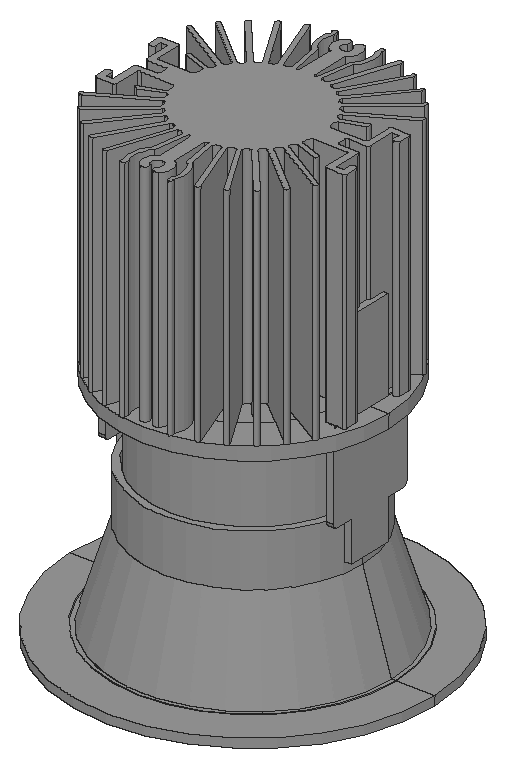
Revit family "Artemide_Everything_80", category Lighting Fixtures, Revit 2018 (continued)
Types (216, lengths in mm): name | V_TrimlessSquare | V_TrimlessRound | V_TrimSquare | V_TrimRound | V_Square | V_Round | Radius_RoundVoidReal | Photometric Web File | M_Trim | M_Louvre | M_HousingLed | built-in parameter 1150105 | Lumens | built-in parameter 1150107 | built-in parameter 1150106 | URL to O&M Manual | Trim Material | Trim Finish | Trim Colour  | Product Model Number | Product Literature | Overall Width | Overall Length | Output Lumens Direct light | Input Lumens Direct light | Initial Lumens | IES Files  | Housing Colour  | Face Shape | Efficiency | built-in parameter 1150104 | Distance_SquareVoidReal | Colour Temperature | Angle_LightReal | Angle_LightRange | Angle_Light | Adjustable
  Everything_80_Round_Trim_46°_2700K_Black/PolishedMetal_M331310 | no | no | no | yes | no | yes | 31.6 | "M331310.IES" | Artemide_Aluminum_Black | Artemide_Aluminum_PolishedMetal | Artemide_Aluminum_PolishedMetal | 67.946 (stored number, unit not read) | 853.84 lm | 2700 (stored number, unit not read) | 0.67946 (stored number, unit not read) | "https://www.artemide.com/contents/documenti/prodotto/everything_80_trim_instructions4367641.pdf" | "Aluminium" | "Painted" | "Polished Metal" | "M331310" | "https://www.artemide.com/it/subfamily/2380637/everything-80-trim" | 0 | 80 | 854 | 1330 | 854 | "https://www.artemide.com/product/downloadFile/4366123/ieseu/4916922" | "Black" | "Round" | 64 | 6.1019 (stored number, unit not read) | 0.8 | 2700 | 90.00° | 60.00° | 60.00° | no
  Everything_80_Round_Trim_46°_2700K_White/PolishedMetal_M331320 | no | no | no | yes | no | yes | 31.6 | "M331320.IES" | Artemide_Aluminum_White | Artemide_Aluminum_PolishedMetal | Artemide_Aluminum_PolishedMetal | 67.946 (stored number, unit not read) | 853.84 lm | 2700 (stored number, unit not read) | 0.67946 (stored number, unit not read) | "https://www.artemide.com/contents/documenti/prodotto/everything_80_trim_instructions4367641.pdf" | "Aluminium" | "Painted" | "Polished Metal" | "M331320" | "https://www.artemide.com/it/subfamily/2380637/everything-80-trim" | 0 | 80 | 854 | 1330 | 854 | "https://www.artemide.com/product/downloadFile/4366362/ieseu/4916537" | "White" | "Round" | 64 | 6.1019 (stored number, unit not read) | 0.8 | 2700 | 90.00° | 60.00° | 60.00° | no
  Everything_80_Round_Trim_46°_2700K_White/Black_M326220 | no | no | no | yes | no | yes | 31.6 | "M326220.IES" | Artemide_Aluminum_White | Artemide_Aluminum_Black | Artemide_Aluminum_Black | 50.163 (stored number, unit not read) | 630.37 lm | 2700 (stored number, unit not read) | 0.50163 (stored number, unit not read) | "https://www.artemide.com/contents/documenti/prodotto/everything_80_trim_instructions4367641.pdf" | "Aluminium" | "Painted" | "Black" | "M326220" | "https://www.artemide.com/it/subfamily/2380637/everything-80-trim" | 0 | 80 | 630 | 1330 | 630 | "https://www.artemide.com/product/downloadFile/4366601/ieseu/4916789" | "White" | "Round" | 47 | 4.5049 (stored number, unit not read) | 0.8 | 2700 | 90.00° | 60.00° | 60.00° | no
  Everything_80_Round_Trim_46°_2700K_Black/Black_M326210 | no | no | no | yes | no | yes | 31.6 | "M326210.IES" | Artemide_Aluminum_Black | Artemide_Aluminum_Black | Artemide_Aluminum_Black | 50.163 (stored number, unit not read) | 630.37 lm | 2700 (stored number, unit not read) | 0.50163 (stored number, unit not read) | "https://www.artemide.com/contents/documenti/prodotto/everything_80_trim_instructions4367641.pdf" | "Aluminium" | "Painted" | "Black" | "M326210" | "https://www.artemide.com/it/subfamily/2380637/everything-80-trim" | 0 | 80 | 630 | 1330 | 630 | "https://www.artemide.com/product/downloadFile/4366840/ieseu/4917073" | "Black" | "Round" | 47 | 4.5049 (stored number, unit not read) | 0.8 | 2700 | 90.00° | 60.00° | 60.00° | no
  Everything_80_Round_Trim_46°_2700K_Silver/Black_M326260 | no | no | no | yes | no | yes | 31.6 | "M326260.IES" | Artemide_Aluminum_BrushedSilver | Artemide_Aluminum_Black | Artemide_Aluminum_Black | 50.163 (stored number, unit not read) | 630.37 lm | 2700 (stored number, unit not read) | 0.50163 (stored number, unit not read) | "https://www.artemide.com/contents/documenti/prodotto/everything_80_trim_instructions4367641.pdf" | "Aluminium" | "Painted" | "Black" | "M326260" | "https://www.artemide.com/it/subfamily/2380637/everything-80-trim" | 0 | 80 | 630 | 1330 | 630 | "https://www.artemide.com/product/downloadFile/4367119/ieseu/4916514" | "Silver" | "Round" | 47 | 4.5049 (stored number, unit not read) | 0.8 | 2700 | 90.00° | 60.00° | 60.00° | no
  Everything_80_Round_Trim_Adj_23°_2700K_White/White_M325725 | no | no | no | yes | no | yes | 31.6 | "M325725.IES" | Artemide_Aluminum_White | Artemide_Aluminum_White | Artemide_Aluminum_White | 79.057 (stored number, unit not read) | 993.46 lm | 2700 (stored number, unit not read) | 0.79057 (stored number, unit not read) | "https://www.artemide.com/contents/documenti/prodotto/everything_80_trim_instructions4367641.pdf" | "Aluminium" | "Painted" | "White" | "M325725" | "https://www.artemide.com/it/subfamily/2380637/everything-80-trim" | 0 | 80 | 994 | 1330 | 994 | "https://www.artemide.com/product/downloadFile/4367464/ieseu/4916497" | "White" | "Round" | 75 | 7.0997 (stored number, unit not read) | 0.8 | 2700 | 60.00° | 60.00° | 60.00° | yes
  Everything_80_Round_Trim_Adj_23°_2700K_Black/PolishedMetal_M331115 | no | no | no | yes | no | yes | 31.6 | "M331115.IES" | Artemide_Aluminum_Black | Artemide_Aluminum_PolishedMetal | Artemide_Aluminum_PolishedMetal | 80.857 (stored number, unit not read) | 1016.08 lm | 2700 (stored number, unit not read) | 0.80857 (stored number, unit not read) | "https://www.artemide.com/contents/documenti/prodotto/everything_80_trim_instructions4367641.pdf" | "Aluminium" | "Painted" | "Polished Metal" | "M331115" | "https://www.artemide.com/it/subfamily/2380637/everything-80-trim" | 0 | 80 | 1016 | 1330 | 1016 | "https://www.artemide.com/product/downloadFile/4367715/ieseu/4916825" | "Black" | "Round" | 76 | 7.2613 (stored number, unit not read) | 0.8 | 2700 | 60.00° | 60.00° | 60.00° | yes
  Everything_80_Round_Trim_Adj_23°_2700K_White/PolishedMetal_M331125 | no | no | no | yes | no | yes | 31.6 | "M331125.IES" | Artemide_Aluminum_White | Artemide_Aluminum_PolishedMetal | Artemide_Aluminum_PolishedMetal | 80.857 (stored number, unit not read) | 1016.08 lm | 2700 (stored number, unit not read) | 0.80857 (stored number, unit not read) | "https://www.artemide.com/contents/documenti/prodotto/everything_80_trim_instructions4367641.pdf" | "Aluminium" | "Painted" | "Polished Metal" | "M331125" | "https://www.artemide.com/it/subfamily/2380637/everything-80-trim" | 0 | 80 | 1016 | 1330 | 1016 | "https://www.artemide.com/product/downloadFile/4367956/ieseu/4917033" | "White" | "Round" | 76 | 7.2613 (stored number, unit not read) | 0.8 | 2700 | 60.00° | 60.00° | 60.00° | yes
  Everything_80_Round_Trim_Adj_23°_2700K_White/Black_M326025 | no | no | no | yes | no | yes | 31.6 | "M326025.IES" | Artemide_Aluminum_White | Artemide_Aluminum_Black | Artemide_Aluminum_Black | 66.364 (stored number, unit not read) | 833.95 lm | 2700 (stored number, unit not read) | 0.66364 (stored number, unit not read) | "https://www.artemide.com/contents/documenti/prodotto/everything_80_trim_instructions4367641.pdf" | "Aluminium" | "Painted" | "Black" | "M326025" | "https://www.artemide.com/it/subfamily/2380637/everything-80-trim" | 0 | 80 | 834 | 1330 | 834 | "https://www.artemide.com/product/downloadFile/4368311/ieseu/4917030" | "White" | "Round" | 63 | 5.9597 (stored number, unit not read) | 0.8 | 2700 | 60.00° | 60.00° | 60.00° | yes
  Everything_80_Round_Trim_Adj_23°_2700K_Black/Black_M326015 | no | no | no | yes | no | yes | 31.6 | "M326015.IES" | Artemide_Aluminum_Black | Artemide_Aluminum_Black | Artemide_Aluminum_Black | 66.364 (stored number, unit not read) | 833.95 lm | 2700 (stored number, unit not read) | 0.66364 (stored number, unit not read) | "https://www.artemide.com/contents/documenti/prodotto/everything_80_trim_instructions4367641.pdf" | "Aluminium" | "Painted" | "Black" | "M326015" | "https://www.artemide.com/it/subfamily/2380637/everything-80-trim" | 0 | 80 | 834 | 1330 | 834 | "https://www.artemide.com/product/downloadFile/4368579/ieseu/4916652" | "Black" | "Round" | 63 | 5.9597 (stored number, unit not read) | 0.8 | 2700 | 60.00° | 60.00° | 60.00° | yes
  Everything_80_Round_Trim_Adj_23°_2700K_Silver/White_M326065 | no | no | no | yes | no | yes | 31.6 | "M326065.IES" | Artemide_Aluminum_BrushedSilver | Artemide_Aluminum_White | Artemide_Aluminum_White | 66.364 (stored number, unit not read) | 833.95 lm | 2700 (stored number, unit not read) | 0.66364 (stored number, unit not read) | "https://www.artemide.com/contents/documenti/prodotto/everything_80_trim_instructions4367641.pdf" | "Aluminium" | "Painted" | "Black" | "M326065" | "https://www.artemide.com/it/subfamily/2380637/everything-80-trim" | 0 | 80 | 834 | 1330 | 834 | "https://www.artemide.com/product/downloadFile/4368828/ieseu/4916722" | "Silver" | "Round" | 63 | 5.9597 (stored number, unit not read) | 0.8 | 2700 | 60.00° | 60.00° | 60.00° | yes
  Everything_80_Round_Trim_Adj_28°_2700K_White/White_M325825 | no | no | no | yes | no | yes | 31.6 | "M325825.IES" | Artemide_Aluminum_White | Artemide_Aluminum_White | Artemide_Aluminum_White | 80.123 (stored number, unit not read) | 1006.85 lm | 2700 (stored number, unit not read) | 0.80123 (stored number, unit not read) | "https://www.artemide.com/contents/documenti/prodotto/everything_80_trim_instructions4367641.pdf" | "Aluminium" | "Painted" | "White" | "M325825" | "https://www.artemide.com/it/subfamily/2380637/everything-80-trim" | 0 | 80 | 1007 | 1330 | 1007 | "https://www.artemide.com/product/downloadFile/4369077/ieseu/4916424" | "White" | "Round" | 76 | 7.1953 (stored number, unit not read) | 0.8 | 2700 | 60.00° | 60.00° | 60.00° | yes
  Everything_80_Round_Trim_Adj_28°_2700K_Black/PolishedMetal_M331215 | no | no | no | yes | no | yes | 31.6 | "M331215.IES" | Artemide_Aluminum_Black | Artemide_Aluminum_PolishedMetal | Artemide_Aluminum_PolishedMetal | 74.826 (stored number, unit not read) | 940.29 lm | 2700 (stored number, unit not read) | 0.74826 (stored number, unit not read) | "https://www.artemide.com/contents/documenti/prodotto/everything_80_trim_instructions4367641.pdf" | "Aluminium" | "Painted" | "Polished Metal" | "M331215" | "https://www.artemide.com/it/subfamily/2380637/everything-80-trim" | 0 | 80 | 940 | 1330 | 940 | "https://www.artemide.com/product/downloadFile/4369710/ieseu/4916893" | "Black" | "Round" | 71 | 6.7197 (stored number, unit not read) | 0.8 | 2700 | 60.00° | 60.00° | 60.00° | yes
  Everything_80_Round_Trim_Adj_28°_2700K_White/PolishedMetal_M331225 | no | no | no | yes | no | yes | 31.6 | "M331225.IES" | Artemide_Aluminum_White | Artemide_Aluminum_PolishedMetal | Artemide_Aluminum_PolishedMetal | 74.826 (stored number, unit not read) | 940.29 lm | 2700 (stored number, unit not read) | 0.74826 (stored number, unit not read) | "https://www.artemide.com/contents/documenti/prodotto/everything_80_trim_instructions4367641.pdf" | "Aluminium" | "Painted" | "Polished Metal" | "M331225" | "https://www.artemide.com/it/subfamily/2380637/everything-80-trim" | 0 | 80 | 940 | 1330 | 940 | "https://www.artemide.com/product/downloadFile/4369949/ieseu/4916826" | "White" | "Round" | 71 | 6.7197 (stored number, unit not read) | 0.8 | 2700 | 60.00° | 60.00° | 60.00° | yes
  Everything_80_Round_Trim_Adj_28°_2700K_White/Black_M326125 | no | no | no | yes | no | yes | 31.6 | "M326125.IES" | Artemide_Aluminum_White | Artemide_Aluminum_Black | Artemide_Aluminum_Black | 67.74 (stored number, unit not read) | 851.24 lm | 2700 (stored number, unit not read) | 0.6774 (stored number, unit not read) | "https://www.artemide.com/contents/documenti/prodotto/everything_80_trim_instructions4367641.pdf" | "Aluminium" | "Painted" | "Black" | "M326125" | "https://www.artemide.com/it/subfamily/2380637/everything-80-trim" | 0 | 80 | 851 | 1330 | 851 | "https://www.artemide.com/product/downloadFile/4370188/ieseu/4916735" | "White" | "Round" | 64 | 6.0833 (stored number, unit not read) | 0.8 | 2700 | 60.00° | 60.00° | 60.00° | yes
  Everything_80_Round_Trim_Adj_28°_2700K_Black/Black_M326115 | no | no | no | yes | no | yes | 31.6 | "M326115.IES" | Artemide_Aluminum_Black | Artemide_Aluminum_Black | Artemide_Aluminum_Black | 67.74 (stored number, unit not read) | 851.24 lm | 2700 (stored number, unit not read) | 0.6774 (stored number, unit not read) | "https://www.artemide.com/contents/documenti/prodotto/everything_80_trim_instructions4367641.pdf" | "Aluminium" | "Painted" | "Black" | "M326115" | "https://www.artemide.com/it/subfamily/2380637/everything-80-trim" | 0 | 80 | 851 | 1330 | 851 | "https://www.artemide.com/product/downloadFile/4370427/ieseu/4917078" | "Black" | "Round" | 64 | 6.0833 (stored number, unit not read) | 0.8 | 2700 | 60.00° | 60.00° | 60.00° | yes
  Everything_80_Round_Trim_Adj_28°_2700K_Silver/Black_M326165 | no | no | no | yes | no | yes | 31.6 | "M326165.IES" | Artemide_Aluminum_BrushedSilver | Artemide_Aluminum_Black | Artemide_Aluminum_Black | 67.74 (stored number, unit not read) | 851.24 lm | 2700 (stored number, unit not read) | 0.6774 (stored number, unit not read) | "https://www.artemide.com/contents/documenti/prodotto/everything_80_trim_instructions4367641.pdf" | "Aluminium" | "Painted" | "Black" | "M326165" | "https://www.artemide.com/it/subfamily/2380637/everything-80-trim" | 0 | 80 | 851 | 1330 | 851 | "https://www.artemide.com/product/downloadFile/4370666/ieseu/4917008" | "Silver" | "Round" | 64 | 6.0833 (stored number, unit not read) | 0.8 | 2700 | 60.00° | 60.00° | 60.00° | yes
  Everything_80_Round_Trim_Adj_46°_2700K_White/White_M325925 | no | no | no | yes | no | yes | 31.6 | "M325925.IES" | Artemide_Aluminum_White | Artemide_Aluminum_White | Artemide_Aluminum_White | 78.426 (stored number, unit not read) | 985.53 lm | 2700 (stored number, unit not read) | 0.78426 (stored number, unit not read) | "https://www.artemide.com/contents/documenti/prodotto/everything_80_trim_instructions4367641.pdf" | "Aluminium" | "Painted" | "White" | "M325925" | "https://www.artemide.com/it/subfamily/2380637/everything-80-trim" | 0 | 80 | 986 | 1330 | 986 | "https://www.artemide.com/product/downloadFile/4370905/ieseu/4916508" | "White" | "Round" | 74 | 7.043 (stored number, unit not read) | 0.8 | 2700 | 60.00° | 60.00° | 60.00° | yes
  Everything_80_Round_Trim_Adj_46°_2700K_Black/PolishedMetal_M331315 | no | no | no | yes | no | yes | 31.6 | "M331315.IES" | Artemide_Aluminum_Black | Artemide_Aluminum_PolishedMetal | Artemide_Aluminum_PolishedMetal | 67.946 (stored number, unit not read) | 853.84 lm | 2700 (stored number, unit not read) | 0.67946 (stored number, unit not read) | "https://www.artemide.com/contents/documenti/prodotto/everything_80_trim_instructions4367641.pdf" | "Aluminium" | "Painted" | "Polished Metal" | "M331315" | "https://www.artemide.com/it/subfamily/2380637/everything-80-trim" | 0 | 80 | 854 | 1330 | 854 | "https://www.artemide.com/product/downloadFile/4371136/ieseu/4916433" | "Black" | "Round" | 64 | 6.1019 (stored number, unit not read) | 0.8 | 2700 | 60.00° | 60.00° | 60.00° | yes
  Everything_80_Round_Trim_Adj_46°_2700K_White/PolishedMetal_M331325 | no | no | no | yes | no | yes | 31.6 | "M331325.IES" | Artemide_Aluminum_White | Artemide_Aluminum_PolishedMetal | Artemide_Aluminum_PolishedMetal | 67.946 (stored number, unit not read) | 853.84 lm | 2700 (stored number, unit not read) | 0.67946 (stored number, unit not read) | "https://www.artemide.com/contents/documenti/prodotto/everything_80_trim_instructions4367641.pdf" | "Aluminium" | "Painted" | "Polished Metal" | "M331325" | "https://www.artemide.com/it/subfamily/2380637/everything-80-trim" | 0 | 80 | 854 | 1330 | 854 | "https://www.artemide.com/product/downloadFile/4371375/ieseu/4916797" | "White" | "Round" | 64 | 6.1019 (stored number, unit not read) | 0.8 | 2700 | 60.00° | 60.00° | 60.00° | yes
  Everything_80_Round_Trim_Adj_46°_2700K_White/Black_M326225 | no | no | no | yes | no | yes | 31.6 | "M326225.IES" | Artemide_Aluminum_White | Artemide_Aluminum_Black | Artemide_Aluminum_Black | 50.163 (stored number, unit not read) | 630.37 lm | 2700 (stored number, unit not read) | 0.50163 (stored number, unit not read) | "https://www.artemide.com/contents/documenti/prodotto/everything_80_trim_instructions4367641.pdf" | "Aluminium" | "Painted" | "Black" | "M326225" | "https://www.artemide.com/it/subfamily/2380637/everything-80-trim" | 0 | 80 | 630 | 1330 | 630 | "https://www.artemide.com/product/downloadFile/4371614/ieseu/4916725" | "White" | "Round" | 47 | 4.5049 (stored number, unit not read) | 0.8 | 2700 | 60.00° | 60.00° | 60.00° | yes
  Everything_80_Round_Trim_Adj_46°_2700K_Black/Black_M326215 | no | no | no | yes | no | yes | 31.6 | "M326215.IES" | Artemide_Aluminum_Black | Artemide_Aluminum_Black | Artemide_Aluminum_Black | 50.163 (stored number, unit not read) | 630.37 lm | 2700 (stored number, unit not read) | 0.50163 (stored number, unit not read) | "https://www.artemide.com/contents/documenti/prodotto/everything_80_trim_instructions4367641.pdf" | "Aluminium" | "Painted" | "Black" | "M326215" | "https://www.artemide.com/it/subfamily/2380637/everything-80-trim" | 0 | 80 | 630 | 1330 | 630 | "https://www.artemide.com/product/downloadFile/4371853/ieseu/4916748" | "Black" | "Round" | 47 | 4.5049 (stored number, unit not read) | 0.8 | 2700 | 60.00° | 60.00° | 60.00° | yes
  Everything_80_Round_Trim_Adj_46°_2700K_Silver/Black_M326265 | no | no | no | yes | no | yes | 31.6 | "M326265.IES" | Artemide_Aluminum_BrushedSilver | Artemide_Aluminum_Black | Artemide_Aluminum_Black | 50.163 (stored number, unit not read) | 630.37 lm | 2700 (stored number, unit not read) | 0.50163 (stored number, unit not read) | "https://www.artemide.com/contents/documenti/prodotto/everything_80_trim_instructions4367641.pdf" | "Aluminium" | "Painted" | "Black" | "M326265" | "https://www.artemide.com/it/subfamily/2380637/everything-80-trim" | 0 | 80 | 630 | 1330 | 630 | "https://www.artemide.com/product/downloadFile/4372092/ieseu/4916744https://www.artemide.com/product/downloadFile/4372092/ieseu/4916744" | "Silver" | "Round" | 47 | 4.5049 (stored number, unit not read) | 0.8 | 2700 | 60.00° | 60.00° | 60.00° | yes
  Everything_80_Square_Trim_23°_2700K_White/White_M326920 | no | no | yes | no | yes | no | 0.3 | "M326920.IES" | Artemide_Aluminum_White | Artemide_Aluminum_White | Artemide_Aluminum_White | 78.954 (stored number, unit not read) | 992.16 lm | 2700 (stored number, unit not read) | 0.78954 (stored number, unit not read) | "https://www.artemide.com/contents/documenti/prodotto/everything_80_trim_instructions4367641.pdf" | "Aluminium" | "Painted" | "White" | "M326920" | "https://www.artemide.com/it/subfamily/2380637/everything-80-trim" | 80 | 80 | 992 | 1330 | 992 | "https://www.artemide.com/product/downloadFile/4378270/ieseu/4916838" | "White" | "Square" | 75 | 7.0904 (stored number, unit not read) | 63.2 | 2700 | 90.00° | 60.00° | 60.00° | no
  Everything_80_Square_Trim_23°_2700K_Black/PolishedMetal_M330510 | no | no | yes | no | yes | no | 0.3 | "M330510.IES" | Artemide_Aluminum_Black | Artemide_Aluminum_PolishedMetal | Artemide_Aluminum_PolishedMetal | 82.554 (stored number, unit not read) | 1037.4 lm | 2700 (stored number, unit not read) | 0.82554 (stored number, unit not read) | "https://www.artemide.com/contents/documenti/prodotto/everything_80_trim_instructions4367641.pdf" | "Aluminium" | "Painted" | "Polished Metal" | "M330510" | "https://www.artemide.com/it/subfamily/2380637/everything-80-trim" | 80 | 80 | 1037 | 1330 | 1037 | "https://www.artemide.com/product/downloadFile/4402717/ieseu/4916459" | "Black" | "Square" | 78 | 7.4137 (stored number, unit not read) | 63.2 | 2700 | 90.00° | 60.00° | 60.00° | no
  Everything_80_Square_Trim_23°_2700K_White/PolishedMetal_M330520 | no | no | yes | no | yes | no | 0.3 | "M330520.IES" | Artemide_Aluminum_White | Artemide_Aluminum_PolishedMetal | Artemide_Aluminum_PolishedMetal | 82.554 (stored number, unit not read) | 1037.4 lm | 2700 (stored number, unit not read) | 0.82554 (stored number, unit not read) | "https://www.artemide.com/contents/documenti/prodotto/everything_80_trim_instructions4367641.pdf" | "Aluminium" | "Painted" | "Polished Metal" | "M330520" | "https://www.artemide.com/it/subfamily/2380637/everything-80-trim" | 80 | 80 | 1037 | 1330 | 1037 | "https://www.artemide.com/product/downloadFile/4402867/ieseu/4916432" | "White" | "Square" | 78 | 7.4137 (stored number, unit not read) | 63.2 | 2700 | 90.00° | 60.00° | 60.00° | no
  Everything_80_Square_Trim_23°_2700K_White/Black_M327220 | no | no | yes | no | yes | no | 0.3 | "M327220.IES" | Artemide_Aluminum_White | Artemide_Aluminum_Black | Artemide_Aluminum_Black | 64.77 (stored number, unit not read) | 813.93 lm | 2700 (stored number, unit not read) | 0.6477 (stored number, unit not read) | "https://www.artemide.com/contents/documenti/prodotto/everything_80_trim_instructions4367641.pdf" | "Aluminium" | "Painted" | "Black" | "M327220" | "https://www.artemide.com/it/subfamily/2380637/everything-80-trim" | 80 | 80 | 814 | 1330 | 814 | "https://www.artemide.com/product/downloadFile/4403017/ieseu/4917071" | "White" | "Square" | 61 | 5.8167 (stored number, unit not read) | 63.2 | 2700 | 90.00° | 60.00° | 60.00° | no
  Everything_80_Square_Trim_23°_2700K_Black/Black_M327210 | no | no | yes | no | yes | no | 0.3 | "M327210.IES" | Artemide_Aluminum_Black | Artemide_Aluminum_Black | Artemide_Aluminum_Black | 64.77 (stored number, unit not read) | 813.93 lm | 2700 (stored number, unit not read) | 0.6477 (stored number, unit not read) | "https://www.artemide.com/contents/documenti/prodotto/everything_80_trim_instructions4367641.pdf" | "Aluminium" | "Painted" | "Black" | "M327210" | "https://www.artemide.com/it/subfamily/2380637/everything-80-trim" | 80 | 80 | 814 | 1330 | 814 | "https://www.artemide.com/product/downloadFile/4403167/ieseu/4916820" | "Black" | "Square" | 61 | 5.8167 (stored number, unit not read) | 63.2 | 2700 | 90.00° | 60.00° | 60.00° | no
  Everything_80_Square_Trim_23°_2700K_Silver/Black_M327260 | no | no | yes | no | yes | no | 0.3 | "M327260.IES" | Artemide_Aluminum_BrushedSilver | Artemide_Aluminum_Black | Artemide_Aluminum_Black | 64.77 (stored number, unit not read) | 813.93 lm | 2700 (stored number, unit not read) | 0.6477 (stored number, unit not read) | "https://www.artemide.com/contents/documenti/prodotto/everything_80_trim_instructions4367641.pdf" | "Aluminium" | "Painted" | "Black" | "M327260" | "https://www.artemide.com/it/subfamily/2380637/everything-80-trim" | 80 | 80 | 814 | 1330 | 814 | "https://www.artemide.com/product/downloadFile/4403335/ieseu/4917104" | "Silver" | "Square" | 61 | 5.8167 (stored number, unit not read) | 63.2 | 2700 | 90.00° | 60.00° | 60.00° | no
  Everything_80_Square_Trim_28°_2700K_White/White_M327020 | no | no | yes | no | yes | no | 0.3 | "M327020.IES" | Artemide_Aluminum_White | Artemide_Aluminum_White | Artemide_Aluminum_White | 79.802 (stored number, unit not read) | 1002.82 lm | 2700 (stored number, unit not read) | 0.79802 (stored number, unit not read) | "https://www.artemide.com/contents/documenti/prodotto/everything_80_trim_instructions4367641.pdf" | "Aluminium" | "Painted" | "White" | "M327020" | "https://www.artemide.com/it/subfamily/2380637/everything-80-trim" | 80 | 80 | 1003 | 1330 | 1003 | "https://www.artemide.com/product/downloadFile/4403559/ieseu/4916872" | "White" | "Square" | 75 | 7.1665 (stored number, unit not read) | 63.2 | 2700 | 90.00° | 60.00° | 60.00° | no
  Everything_80_Square_Trim_28°_2700K_Black/PolishedMetal_M330610 | no | no | yes | no | yes | no | 0.3 | "M330610.IES" | Artemide_Aluminum_Black | Artemide_Aluminum_PolishedMetal | Artemide_Aluminum_PolishedMetal | 77.578 (stored number, unit not read) | 974.87 lm | 2700 (stored number, unit not read) | 0.77578 (stored number, unit not read) | "https://www.artemide.com/contents/documenti/prodotto/everything_80_trim_instructions4367641.pdf" | "Aluminium" | "Painted" | "Polished Metal" | "M330610" | "https://www.artemide.com/it/subfamily/2380637/everything-80-trim" | 80 | 80 | 975 | 1330 | 975 | "https://www.artemide.com/product/downloadFile/4403729/ieseu/4917166" | "Black" | "Square" | 73 | 6.9668 (stored number, unit not read) | 63.2 | 2700 | 90.00° | 60.00° | 60.00° | no
  Everything_80_Square_Trim_28°_2700K_White/PolishedMetal_M330620 | no | no | yes | no | yes | no | 0.3 | "M330620.IES" | Artemide_Aluminum_White | Artemide_Aluminum_PolishedMetal | Artemide_Aluminum_PolishedMetal | 77.578 (stored number, unit not read) | 974.87 lm | 2700 (stored number, unit not read) | 0.77578 (stored number, unit not read) | "https://www.artemide.com/contents/documenti/prodotto/everything_80_trim_instructions4367641.pdf" | "Aluminium" | "Painted" | "Polished Metal" | "M330620" | "https://www.artemide.com/it/subfamily/2380637/everything-80-trim" | 80 | 80 | 975 | 1330 | 975 | "https://www.artemide.com/product/downloadFile/4403877/ieseu/4917059" | "White" | "Square" | 73 | 6.9668 (stored number, unit not read) | 63.2 | 2700 | 90.00° | 60.00° | 60.00° | no
  Everything_80_Square_Trim_28°_2700K_White/Black_M327320 | no | no | yes | no | yes | no | 0.3 | "M327320.IES" | Artemide_Aluminum_White | Artemide_Aluminum_Black | Artemide_Aluminum_Black | 64.46 (stored number, unit not read) | 810.03 lm | 2700 (stored number, unit not read) | 0.6446 (stored number, unit not read) | "https://www.artemide.com/contents/documenti/prodotto/everything_80_trim_instructions4367641.pdf" | "Aluminium" | "Painted" | "Black" | "M327320" | "https://www.artemide.com/it/subfamily/2380637/everything-80-trim" | 80 | 80 | 810 | 1330 | 810 | "https://www.artemide.com/product/downloadFile/4404025/ieseu/4916711" | "White" | "Square" | 61 | 5.7888 (stored number, unit not read) | 63.2 | 2700 | 90.00° | 60.00° | 60.00° | no
  Everything_80_Square_Trim_28°_2700K_Black/Black_M327310 | no | no | yes | no | yes | no | 0.3 | "M327310.IES" | Artemide_Aluminum_Black | Artemide_Aluminum_Black | Artemide_Aluminum_Black | 64.46 (stored number, unit not read) | 810.03 lm | 2700 (stored number, unit not read) | 0.6446 (stored number, unit not read) | "https://www.artemide.com/contents/documenti/prodotto/everything_80_trim_instructions4367641.pdf" | "Aluminium" | "Painted" | "Black" | "M327310" | "https://www.artemide.com/it/subfamily/2380637/everything-80-trim" | 80 | 80 | 810 | 1330 | 810 | "https://www.artemide.com/product/downloadFile/4404199/ieseu/4916794" | "Black" | "Square" | 61 | 5.7888 (stored number, unit not read) | 63.2 | 2700 | 90.00° | 60.00° | 60.00° | no
  Everything_80_Square_Trim_28°_2700K_Silver/Black_M327360 | no | no | yes | no | yes | no | 0.3 | "M327360.IES" | Artemide_Aluminum_BrushedSilver | Artemide_Aluminum_Black | Artemide_Aluminum_Black | 64.46 (stored number, unit not read) | 810.03 lm | 2700 (stored number, unit not read) | 0.6446 (stored number, unit not read) | "https://www.artemide.com/contents/documenti/prodotto/everything_80_trim_instructions4367641.pdf" | "Aluminium" | "Painted" | "Black" | "M327360" | "https://www.artemide.com/it/subfamily/2380637/everything-80-trim" | 80 | 80 | 810 | 1330 | 810 | "https://www.artemide.com/product/downloadFile/4404444/ieseu/4916692" | "Silver" | "Square" | 61 | 5.7888 (stored number, unit not read) | 63.2 | 2700 | 90.00° | 60.00° | 60.00° | no
  Everything_80_Square_Trim_46°_2700K_White/White_M327120 | no | no | yes | no | yes | no | 0.3 | "M327120.IES" | Artemide_Aluminum_White | Artemide_Aluminum_White | Artemide_Aluminum_White | 78.426 (stored number, unit not read) | 985.53 lm | 2700 (stored number, unit not read) | 0.78426 (stored number, unit not read) | "https://www.artemide.com/contents/documenti/prodotto/everything_80_trim_instructions4367641.pdf" | "Aluminium" | "Painted" | "White" | "M327120" | "https://www.artemide.com/it/subfamily/2380637/everything-80-trim" | 80 | 80 | 986 | 1330 | 986 | "https://www.artemide.com/product/downloadFile/4404614/ieseu/4917115" | "White" | "Square" | 74 | 7.043 (stored number, unit not read) | 63.2 | 2700 | 90.00° | 60.00° | 60.00° | no
  Everything_80_Square_Trim_46°_2700K_Black/PolishedMetal_M330710 | no | no | yes | no | yes | no | 0.3 | "M330710.IES" | Artemide_Aluminum_Black | Artemide_Aluminum_PolishedMetal | Artemide_Aluminum_PolishedMetal | 70.067 (stored number, unit not read) | 880.49 lm | 2700 (stored number, unit not read) | 0.70067 (stored number, unit not read) | "https://www.artemide.com/contents/documenti/prodotto/everything_80_trim_instructions4367641.pdf" | "Aluminium" | "Painted" | "Polished Metal" | "M330710" | "https://www.artemide.com/it/subfamily/2380637/everything-80-trim" | 80 | 80 | 880 | 1330 | 880 | "https://www.artemide.com/product/downloadFile/4404754/ieseu/4917164" | "Black" | "Square" | 66 | 6.2923 (stored number, unit not read) | 63.2 | 2700 | 90.00° | 60.00° | 60.00° | no
  Everything_80_Square_Trim_46°_2700K_White/PolishedMetal_M330720 | no | no | yes | no | yes | no | 0.3 | "M330720.IES" | Artemide_Aluminum_White | Artemide_Aluminum_PolishedMetal | Artemide_Aluminum_PolishedMetal | 70.067 (stored number, unit not read) | 880.49 lm | 2700 (stored number, unit not read) | 0.70067 (stored number, unit not read) | "https://www.artemide.com/contents/documenti/prodotto/everything_80_trim_instructions4367641.pdf" | "Aluminium" | "Painted" | "Polished Metal" | "M330720" | "https://www.artemide.com/it/subfamily/2380637/everything-80-trim" | 80 | 80 | 880 | 1330 | 880 | "https://www.artemide.com/product/downloadFile/4404894/ieseu/4916611" | "White" | "Square" | 66 | 6.2923 (stored number, unit not read) | 63.2 | 2700 | 90.00° | 60.00° | 60.00° | no
  Everything_80_Square_Trim_46°_2700K_White/Black_M327420 | no | no | yes | no | yes | no | 0.3 | "M327420.IES" | Artemide_Aluminum_White | Artemide_Aluminum_Black | Artemide_Aluminum_Black | 52.284 (stored number, unit not read) | 657.02 lm | 2700 (stored number, unit not read) | 0.52284 (stored number, unit not read) | "https://www.artemide.com/contents/documenti/prodotto/everything_80_trim_instructions4367641.pdf" | "Aluminium" | "Painted" | "Black" | "M327420" | "https://www.artemide.com/it/subfamily/2380637/everything-80-trim" | 80 | 80 | 657 | 1330 | 657 | "https://www.artemide.com/product/downloadFile/4405034/ieseu/4917049" | "White" | "Square" | 49 | 4.6953 (stored number, unit not read) | 63.2 | 2700 | 90.00° | 60.00° | 60.00° | no
  Everything_80_Square_Trim_46°_2700K_Black/Black_M327410 | no | no | yes | no | yes | no | 0.3 | "M327410.IES" | Artemide_Aluminum_Black | Artemide_Aluminum_Black | Artemide_Aluminum_Black | 52.284 (stored number, unit not read) | 657.02 lm | 2700 (stored number, unit not read) | 0.52284 (stored number, unit not read) | "https://www.artemide.com/contents/documenti/prodotto/everything_80_trim_instructions4367641.pdf" | "Aluminium" | "Painted" | "Black" | "M327410" | "https://www.artemide.com/it/subfamily/2380637/everything-80-trim" | 80 | 80 | 657 | 1330 | 657 | "https://www.artemide.com/product/downloadFile/4405174/ieseu/4916688" | "Black" | "Square" | 49 | 4.6953 (stored number, unit not read) | 63.2 | 2700 | 90.00° | 60.00° | 60.00° | no
  Everything_80_Square_Trim_46°_2700K_Silver/Black_M327460 | no | no | yes | no | yes | no | 0.3 | "M327460.IES" | Artemide_Aluminum_BrushedSilver | Artemide_Aluminum_Black | Artemide_Aluminum_Black | 52.284 (stored number, unit not read) | 657.02 lm | 2700 (stored number, unit not read) | 0.52284 (stored number, unit not read) | "https://www.artemide.com/contents/documenti/prodotto/everything_80_trim_instructions4367641.pdf" | "Aluminium" | "Painted" | "Black" | "M327460" | "https://www.artemide.com/it/subfamily/2380637/everything-80-trim" | 80 | 80 | 657 | 1330 | 657 | "https://www.artemide.com/product/downloadFile/4405333/ieseu/4916857" | "Silver" | "Square" | 49 | 4.6953 (stored number, unit not read) | 63.2 | 2700 | 90.00° | 60.00° | 60.00° | no
  Everything_80_Square_Trim_Adjustable_23°_2700K_White/White_M326925 | no | no | yes | no | yes | no | 0.3 | "M326925.IES" | Artemide_Aluminum_White | Artemide_Aluminum_White | Artemide_Aluminum_White | 78.954 (stored number, unit not read) | 992.16 lm | 2700 (stored number, unit not read) | 0.78954 (stored number, unit not read) | "https://www.artemide.com/contents/documenti/prodotto/everything_80_trim_instructions4367641.pdf" | "Aluminium" | "Painted" | "White" | "M326925" | "https://www.artemide.com/it/subfamily/2380637/everything-80-trim" | 80 | 80 | 992 | 1330 | 992 | "https://www.artemide.com/product/downloadFile/4405659/ieseu/4916796" | "White" | "Square" | 75 | 7.0904 (stored number, unit not read) | 63.2 | 2700 | 60.00° | 60.00° | 60.00° | yes
  Everything_80_Square_Trim_Adjustable_23°_2700K_Black/PolishedMetal_M330515 | no | no | yes | no | yes | no | 0.3 | "M330515.IES" | Artemide_Aluminum_Black | Artemide_Aluminum_PolishedMetal | Artemide_Aluminum_PolishedMetal | 82.554 (stored number, unit not read) | 1037.4 lm | 2700 (stored number, unit not read) | 0.82554 (stored number, unit not read) | "https://www.artemide.com/contents/documenti/prodotto/everything_80_trim_instructions4367641.pdf" | "Aluminium" | "Painted" | "Polished Metal" | "M330515" | "https://www.artemide.com/it/subfamily/2380637/everything-80-trim" | 80 | 80 | 1037 | 1330 | 1037 | "https://www.artemide.com/product/downloadFile/4405946/ieseu/4916902" | "Black" | "Square" | 78 | 7.4137 (stored number, unit not read) | 63.2 | 2700 | 60.00° | 60.00° | 60.00° | yes
  Everything_80_Square_Trim_Adjustable_23°_2700K_White/PolishedMetal_M330525 | no | no | yes | no | yes | no | 0.3 | "M330525.IES" | Artemide_Aluminum_White | Artemide_Aluminum_PolishedMetal | Artemide_Aluminum_PolishedMetal | 82.554 (stored number, unit not read) | 1037.4 lm | 2700 (stored number, unit not read) | 0.82554 (stored number, unit not read) | "https://www.artemide.com/contents/documenti/prodotto/everything_80_trim_instructions4367641.pdf" | "Aluminium" | "Painted" | "Polished Metal" | "M330525" | "https://www.artemide.com/it/subfamily/2380637/everything-80-trim" | 80 | 80 | 1037 | 1330 | 1037 | "https://www.artemide.com/product/downloadFile/4406138/ieseu/4917139" | "White" | "Square" | 78 | 7.4137 (stored number, unit not read) | 63.2 | 2700 | 60.00° | 60.00° | 60.00° | yes
  Everything_80_Square_Trim_Adjustable_23°_2700K_White/Black_M327225 | no | no | yes | no | yes | no | 0.3 | "M327225.IES" | Artemide_Aluminum_White | Artemide_Aluminum_Black | Artemide_Aluminum_Black | 64.77 (stored number, unit not read) | 813.93 lm | 2700 (stored number, unit not read) | 0.6477 (stored number, unit not read) | "https://www.artemide.com/contents/documenti/prodotto/everything_80_trim_instructions4367641.pdf" | "Aluminium" | "Painted" | "Black" | "M327225" | "https://www.artemide.com/it/subfamily/2380637/everything-80-trim" | 80 | 80 | 814 | 1330 | 814 | "https://www.artemide.com/product/downloadFile/4406280/ieseu/4916529" | "White" | "Square" | 61 | 5.8167 (stored number, unit not read) | 63.2 | 2700 | 60.00° | 60.00° | 60.00° | yes
  Everything_80_Square_Trim_Adjustable_23°_2700K_Black/Black_M327215 | no | no | yes | no | yes | no | 0.3 | "M327215.IES" | Artemide_Aluminum_Black | Artemide_Aluminum_Black | Artemide_Aluminum_Black | 64.77 (stored number, unit not read) | 813.93 lm | 2700 (stored number, unit not read) | 0.6477 (stored number, unit not read) | "https://www.artemide.com/contents/documenti/prodotto/everything_80_trim_instructions4367641.pdf" | "Aluminium" | "Painted" | "Black" | "M327215" | "https://www.artemide.com/it/subfamily/2380637/everything-80-trim" | 80 | 80 | 814 | 1330 | 814 | "https://www.artemide.com/product/downloadFile/4406422/ieseu/4916470" | "Black" | "Square" | 61 | 5.8167 (stored number, unit not read) | 63.2 | 2700 | 60.00° | 60.00° | 60.00° | yes
  Everything_80_Square_Trim_Adjustable_23°_2700K_Silver/Black_M327265 | no | no | yes | no | yes | no | 0.3 | "M327265.IES" | Artemide_Aluminum_BrushedSilver | Artemide_Aluminum_Black | Artemide_Aluminum_Black | 64.77 (stored number, unit not read) | 813.93 lm | 2700 (stored number, unit not read) | 0.6477 (stored number, unit not read) | "https://www.artemide.com/contents/documenti/prodotto/everything_80_trim_instructions4367641.pdf" | "Aluminium" | "Painted" | "White" | "M327265" | "https://www.artemide.com/it/subfamily/2380637/everything-80-trim" | 80 | 80 | 814 | 1330 | 814 | "https://www.artemide.com/product/downloadFile/4406564/ieseu/4916964" | "Silver" | "Square" | 61 | 5.8167 (stored number, unit not read) | 63.2 | 2700 | 60.00° | 60.00° | 60.00° | yes
  Everything_80_Square_Trim_Adjustable_28°_2700K_White/White_M327025 | no | no | yes | no | yes | no | 0.3 | "M327025.IES" | Artemide_Aluminum_White | Artemide_Aluminum_White | Artemide_Aluminum_White | 79.802 (stored number, unit not read) | 1002.82 lm | 2700 (stored number, unit not read) | 0.79802 (stored number, unit not read) | "https://www.artemide.com/contents/documenti/prodotto/everything_80_trim_instructions4367641.pdf" | "Aluminium" | "Painted" | "White" | "M327025" | "https://www.artemide.com/it/subfamily/2380637/everything-80-trim" | 80 | 80 | 1003 | 1330 | 1003 | "https://www.artemide.com/product/downloadFile/4406706/ieseu/4917155" | "White" | "Square" | 75 | 7.1665 (stored number, unit not read) | 63.2 | 2700 | 60.00° | 60.00° | 60.00° | yes
  Everything_80_Square_Trim_Adjustable_28°_2700K_Black/PolishedMetal_M330615 | no | no | yes | no | yes | no | 0.3 | "M330615.IES" | Artemide_Aluminum_Black | Artemide_Aluminum_PolishedMetal | Artemide_Aluminum_PolishedMetal | 77.578 (stored number, unit not read) | 974.87 lm | 2700 (stored number, unit not read) | 0.77578 (stored number, unit not read) | "https://www.artemide.com/contents/documenti/prodotto/everything_80_trim_instructions4367641.pdf" | "Aluminium" | "Painted" | "Polished Metal" | "M330615" | "https://www.artemide.com/it/subfamily/2380637/everything-80-trim" | 80 | 80 | 975 | 1330 | 975 | "https://www.artemide.com/product/downloadFile/4406838/ieseu/4916607" | "Black" | "Square" | 73 | 6.9668 (stored number, unit not read) | 63.2 | 2700 | 60.00° | 60.00° | 60.00° | yes
  Everything_80_Square_Trim_Adjustable_28°_2700K_White/PolishedMetal_M330625 | no | no | yes | no | yes | no | 0.3 | "M330625.IES" | Artemide_Aluminum_White | Artemide_Aluminum_PolishedMetal | Artemide_Aluminum_PolishedMetal | 77.578 (stored number, unit not read) | 974.87 lm | 2700 (stored number, unit not read) | 0.77578 (stored number, unit not read) | "https://www.artemide.com/contents/documenti/prodotto/everything_80_trim_instructions4367641.pdf" | "Aluminium" | "Painted" | "Polished Metal" | "M330625" | "https://www.artemide.com/it/subfamily/2380637/everything-80-trim" | 80 | 80 | 975 | 1330 | 975 | "https://www.artemide.com/product/downloadFile/4406978/ieseu/4917175" | "White" | "Square" | 73 | 6.9668 (stored number, unit not read) | 63.2 | 2700 | 60.00° | 60.00° | 60.00° | yes
  Everything_80_Square_Trim_Adjustable_28°_2700K_White/Black_M327325 | no | no | yes | no | yes | no | 0.3 | "M327325.IES" | Artemide_Aluminum_White | Artemide_Aluminum_Black | Artemide_Aluminum_Black | 64.46 (stored number, unit not read) | 810.03 lm | 2700 (stored number, unit not read) | 0.6446 (stored number, unit not read) | "https://www.artemide.com/contents/documenti/prodotto/everything_80_trim_instructions4367641.pdf" | "Aluminium" | "Painted" | "Black" | "M327325" | "https://www.artemide.com/it/subfamily/2380637/everything-80-trim" | 80 | 80 | 810 | 1330 | 810 | "https://www.artemide.com/product/downloadFile/4407118/ieseu/4916909" | "White" | "Square" | 61 | 5.7888 (stored number, unit not read) | 63.2 | 2700 | 60.00° | 60.00° | 60.00° | yes
  Everything_80_Square_Trim_Adjustable_28°_2700K_Black/Black_M327315 | no | no | yes | no | yes | no | 0.3 | "M327315.IES" | Artemide_Aluminum_Black | Artemide_Aluminum_Black | Artemide_Aluminum_Black | 64.46 (stored number, unit not read) | 810.03 lm | 2700 (stored number, unit not read) | 0.6446 (stored number, unit not read) | "https://www.artemide.com/contents/documenti/prodotto/everything_80_trim_instructions4367641.pdf" | "Aluminium" | "Painted" | "Black" | "M327315" | "https://www.artemide.com/it/subfamily/2380637/everything-80-trim" | 80 | 80 | 810 | 1330 | 810 | "https://www.artemide.com/product/downloadFile/4407258/ieseu/4916632" | "Black" | "Square" | 61 | 5.7888 (stored number, unit not read) | 63.2 | 2700 | 60.00° | 60.00° | 60.00° | yes
  Everything_80_Square_Trim_Adjustable_28°_2700K_Silver/Black_M327365 | no | no | yes | no | yes | no | 0.3 | "M327365.IES" | Artemide_Aluminum_BrushedSilver | Artemide_Aluminum_Black | Artemide_Aluminum_Black | 64.46 (stored number, unit not read) | 810.03 lm | 2700 (stored number, unit not read) | 0.6446 (stored number, unit not read) | "https://www.artemide.com/contents/documenti/prodotto/everything_80_trim_instructions4367641.pdf" | "Aluminium" | "Painted" | "Black" | "M327365" | "https://www.artemide.com/it/subfamily/2380637/everything-80-trim" | 80 | 80 | 810 | 1330 | 810 | "https://www.artemide.com/product/downloadFile/4407398/ieseu/4917006" | "Silver" | "Square" | 61 | 5.7888 (stored number, unit not read) | 63.2 | 2700 | 60.00° | 60.00° | 60.00° | yes
  Everything_80_Square_Trim_Adjustable_46°_2700K_White/White_M327125 | no | no | yes | no | yes | no | 0.3 | "M327125.IES" | Artemide_Aluminum_White | Artemide_Aluminum_White | Artemide_Aluminum_White | 78.426 (stored number, unit not read) | 985.53 lm | 2700 (stored number, unit not read) | 0.78426 (stored number, unit not read) | "https://www.artemide.com/contents/documenti/prodotto/everything_80_trim_instructions4367641.pdf" | "Aluminium" | "Painted" | "White" | "M327125" | "https://www.artemide.com/it/subfamily/2380637/everything-80-trim" | 80 | 80 | 986 | 1330 | 986 | "https://www.artemide.com/product/downloadFile/4407538/ieseu/4916703" | "White" | "Square" | 74 | 7.043 (stored number, unit not read) | 63.2 | 2700 | 60.00° | 60.00° | 60.00° | yes
  Everything_80_Square_Trim_Adjustable_46°_2700K_Black/PolishedMetal_M330715 | no | no | yes | no | yes | no | 0.3 | "M330715.IES" | Artemide_Aluminum_Black | Artemide_Aluminum_PolishedMetal | Artemide_Aluminum_PolishedMetal | 70.067 (stored number, unit not read) | 880.49 lm | 2700 (stored number, unit not read) | 0.70067 (stored number, unit not read) | "https://www.artemide.com/contents/documenti/prodotto/everything_80_trim_instructions4367641.pdf" | "Aluminium" | "Painted" | "Polished Metal" | "M330715" | "https://www.artemide.com/it/subfamily/2380637/everything-80-trim" | 80 | 80 | 880 | 1330 | 880 | "https://www.artemide.com/product/downloadFile/4407670/ieseu/4916992" | "Black" | "Square" | 66 | 6.2923 (stored number, unit not read) | 63.2 | 2700 | 60.00° | 60.00° | 60.00° | yes
  Everything_80_Square_Trim_Adjustable_46°_2700K_White/PolishedMetal_M330725 | no | no | yes | no | yes | no | 0.3 | "M330725.IES" | Artemide_Aluminum_White | Artemide_Aluminum_PolishedMetal | Artemide_Aluminum_PolishedMetal | 70.067 (stored number, unit not read) | 880.49 lm | 2700 (stored number, unit not read) | 0.70067 (stored number, unit not read) | "https://www.artemide.com/contents/documenti/prodotto/everything_80_trim_instructions4367641.pdf" | "Aluminium" | "Painted" | "Polished Metal" | "M330725" | "https://www.artemide.com/it/subfamily/2380637/everything-80-trim" | 80 | 80 | 880 | 1330 | 880 | "https://www.artemide.com/product/downloadFile/4407810/ieseu/4916650" | "White" | "Square" | 66 | 6.2923 (stored number, unit not read) | 63.2 | 2700 | 60.00° | 60.00° | 60.00° | yes
  Everything_80_Square_Trim_Adjustable_46°_2700K_White/Black_M327425 | no | no | yes | no | yes | no | 0.3 | "M327425.IES" | Artemide_Aluminum_White | Artemide_Aluminum_Black | Artemide_Aluminum_Black | 52.284 (stored number, unit not read) | 657.02 lm | 2700 (stored number, unit not read) | 0.52284 (stored number, unit not read) | "https://www.artemide.com/contents/documenti/prodotto/everything_80_trim_instructions4367641.pdf" | "Aluminium" | "Painted" | "Black" | "M327425" | "https://www.artemide.com/it/subfamily/2380637/everything-80-trim" | 80 | 80 | 657 | 1330 | 657 | "https://www.artemide.com/product/downloadFile/4407950/ieseu/4916962" | "White" | "Square" | 49 | 4.6953 (stored number, unit not read) | 63.2 | 2700 | 60.00° | 60.00° | 60.00° | yes
  Everything_80_Square_Trim_Adjustable_46°_2700K_Black/Black_M327415 | no | no | yes | no | yes | no | 0.3 | "M327415.IES" | Artemide_Aluminum_Black | Artemide_Aluminum_Black | Artemide_Aluminum_Black | 52.284 (stored number, unit not read) | 657.02 lm | 2700 (stored number, unit not read) | 0.52284 (stored number, unit not read) | "https://www.artemide.com/contents/documenti/prodotto/everything_80_trim_instructions4367641.pdf" | "Aluminium" | "Painted" | "Black" | "M327415" | "https://www.artemide.com/it/subfamily/2380637/everything-80-trim" | 80 | 80 | 657 | 1330 | 657 | "https://www.artemide.com/product/downloadFile/4408090/ieseu/4916951" | "Black" | "Square" | 49 | 4.6953 (stored number, unit not read) | 63.2 | 2700 | 60.00° | 60.00° | 60.00° | yes
  Everything_80_Square_Trim_Adjustable_46°_2700K_Silver/Black_M327465 | no | no | yes | no | yes | no | 0.3 | "M327465.IES" | Artemide_Aluminum_BrushedSilver | Artemide_Aluminum_Black | Artemide_Aluminum_Black | 52.284 (stored number, unit not read) | 657.02 lm | 2700 (stored number, unit not read) | 0.52284 (stored number, unit not read) | "https://www.artemide.com/contents/documenti/prodotto/everything_80_trim_instructions4367641.pdf" | "Aluminium" | "Painted" | "Black" | "M327465" | "https://www.artemide.com/it/subfamily/2380637/everything-80-trim" | 80 | 80 | 657 | 1330 | 657 | "https://www.artemide.com/product/downloadFile/4408230/ieseu/4916769" | "Silver" | "Square" | 49 | 4.6953 (stored number, unit not read) | 63.2 | 2700 | 60.00° | 60.00° | 60.00° | yes
  Everything_80_Round_Trimless_Adj_23°_3000K_White_M252205 | no | yes | no | no | no | yes | 31.6 | "M252205.IES" | Artemide_Aluminum_White | Artemide_Aluminum_White | Artemide_Aluminum_White | 82.626 (stored number, unit not read) | 1038.31 lm | 3000 (stored number, unit not read) | 0.82626 (stored number, unit not read) | "https://www.artemide.com/contents/documenti/prodotto/everything_80_trimless_instructions4374821.pdf" | "-" | "-" | "-" | "M252205" | "https://www.artemide.com/it/subfamily/2398406/everything-80-trimless" | 0 | 60 | 1038 | 1390 | 1038 | "https://www.artemide.com/product/downloadFile/2398942/ieseu/4917184" | "White" | "Round" | 75 | 7.4202 (stored number, unit not read) | 0.8 | 3000 | 60.00° | 60.00° | 60.00° | yes
  Everything_80_Round_Trimless_23°_3000K_Black_M252800 | no | yes | no | no | no | yes | 31.6 | "M252800.IES" | Artemide_Aluminum_White | Artemide_Aluminum_Black | Artemide_Aluminum_Black | 69.353 (stored number, unit not read) | 871.52 lm | 3000 (stored number, unit not read) | 0.69353 (stored number, unit not read) | "https://www.artemide.com/contents/documenti/prodotto/everything_80_trimless_instructions4374821.pdf" | "-" | "-" | "-" | "M252800" | "https://www.artemide.com/it/subfamily/2398406/everything-80-trimless" | 0 | 60 | 872 | 1390 | 872 | "https://www.artemide.com/product/downloadFile/2399040/ieseu/4917210" | "Black" | "Round" | 63 | 6.2282 (stored number, unit not read) | 0.8 | 3000 | 90.00° | 60.00° | 60.00° | no
  Everything_80_Round_Trimless_Adj_23°_3000K_Black_M252805 | no | yes | no | no | no | yes | 31.6 | "M252805.IES" | Artemide_Aluminum_White | Artemide_Aluminum_Black | Artemide_Aluminum_Black | 69.353 (stored number, unit not read) | 871.52 lm | 3000 (stored number, unit not read) | 0.69353 (stored number, unit not read) | "https://www.artemide.com/contents/documenti/prodotto/everything_80_trimless_instructions4374821.pdf" | "-" | "-" | "-" | "M252805" | "https://www.artemide.com/it/subfamily/2398406/everything-80-trimless" | 0 | 60 | 872 | 1390 | 872 | "https://www.artemide.com/product/downloadFile/2399155/ieseu/4916970" | "Black" | "Round" | 63 | 6.2282 (stored number, unit not read) | 0.8 | 3000 | 60.00° | 60.00° | 60.00° | yes
  Everything_80_Round_Trimless_23°_3000K_PolishedMetal_M279200 | no | yes | no | no | no | yes | 31.6 | "M279200.IES" | Artemide_Aluminum_White | Artemide_Aluminum_PolishedMetal | Artemide_Aluminum_PolishedMetal | 84.509 (stored number, unit not read) | 1061.97 lm | 3000 (stored number, unit not read) | 0.84509 (stored number, unit not read) | "https://www.artemide.com/contents/documenti/prodotto/everything_80_trimless_instructions4374821.pdf" | "-" | "-" | "-" | "M279200" | "https://www.artemide.com/it/subfamily/2398406/everything-80-trimless" | 0 | 60 | 1062 | 1390 | 1062 | "https://www.artemide.com/product/downloadFile/2399264/ieseu/4916658" | "Polished Metal" | "Round" | 76 | 7.5892 (stored number, unit not read) | 0.8 | 3000 | 90.00° | 60.00° | 60.00° | no
  Everything_80_Round_Trimless_Adj_23°_3000K_PolishedMetal_M279205 | no | yes | no | no | no | yes | 31.6 | "M279205.IES" | Artemide_Aluminum_White | Artemide_Aluminum_PolishedMetal | Artemide_Aluminum_PolishedMetal | 84.509 (stored number, unit not read) | 1061.97 lm | 3000 (stored number, unit not read) | 0.84509 (stored number, unit not read) | "https://www.artemide.com/contents/documenti/prodotto/everything_80_trimless_instructions4374821.pdf" | "-" | "-" | "-" | "M279205" | "https://www.artemide.com/it/subfamily/2398406/everything-80-trimless" | 0 | 60 | 1062 | 1390 | 1062 | "https://www.artemide.com/product/downloadFile/2399384/ieseu/4917083" | "Polished Metal" | "Round" | 76 | 7.5892 (stored number, unit not read) | 0.8 | 3000 | 60.00° | 60.00° | 60.00° | yes
  Everything_80_Round_Trimless_28°_3000K_White_M252400 | no | yes | no | no | no | yes | 31.6 | "M252400.IES" | Artemide_Aluminum_White | Artemide_Aluminum_White | Artemide_Aluminum_White | 83.733 (stored number, unit not read) | 1052.22 lm | 3000 (stored number, unit not read) | 0.83733 (stored number, unit not read) | "https://www.artemide.com/contents/documenti/prodotto/everything_80_trimless_instructions4374821.pdf" | "-" | "-" | "-" | "M252400" | "https://www.artemide.com/it/subfamily/2398406/everything-80-trimless" | 0 | 60 | 1052 | 1390 | 1052 | "https://www.artemide.com/product/downloadFile/2400178/ieseu/4916747" | "White" | "Round" | 76 | 7.5196 (stored number, unit not read) | 0.8 | 3000 | 90.00° | 60.00° | 60.00° | no
  Everything_80_Round_Trimless_Adj_28°_3000K_White_M252405 | no | yes | no | no | no | yes | 31.6 | "M252405.IES" | Artemide_Aluminum_White | Artemide_Aluminum_White | Artemide_Aluminum_White | 83.733 (stored number, unit not read) | 1052.22 lm | 3000 (stored number, unit not read) | 0.83733 (stored number, unit not read) | "https://www.artemide.com/contents/documenti/prodotto/everything_80_trimless_instructions4374821.pdf" | "-" | "-" | "-" | "M252405" | "https://www.artemide.com/it/subfamily/2398406/everything-80-trimless" | 0 | 60 | 1052 | 1390 | 1052 | "https://www.artemide.com/product/downloadFile/2400306/ieseu/4916513" | "White" | "Round" | 76 | 7.5196 (stored number, unit not read) | 0.8 | 3000 | 60.00° | 60.00° | 60.00° | yes
  Everything_80_Round_Trimless_28°_3000K_Black_M253000 | no | yes | no | no | no | yes | 31.6 | "M253000.IES" | Artemide_Aluminum_White | Artemide_Aluminum_Black | Artemide_Aluminum_Black | 70.791 (stored number, unit not read) | 889.59 lm | 3000 (stored number, unit not read) | 0.70791 (stored number, unit not read) | "https://www.artemide.com/contents/documenti/prodotto/everything_80_trimless_instructions4374821.pdf" | "-" | "-" | "-" | "M253000" | "https://www.artemide.com/it/subfamily/2398406/everything-80-trimless" | 0 | 60 | 890 | 1390 | 890 | "https://www.artemide.com/product/downloadFile/2400474/ieseu/4917206" | "Black" | "Round" | 64 | 6.3574 (stored number, unit not read) | 0.8 | 3000 | 90.00° | 60.00° | 60.00° | no
  Everything_80_Round_Trimless_Adj_28°_3000K_Black_M253005 | no | yes | no | no | no | yes | 31.6 | "M253005.IES" | Artemide_Aluminum_White | Artemide_Aluminum_Black | Artemide_Aluminum_Black | 70.791 (stored number, unit not read) | 889.59 lm | 3000 (stored number, unit not read) | 0.70791 (stored number, unit not read) | "https://www.artemide.com/contents/documenti/prodotto/everything_80_trimless_instructions4374821.pdf" | "-" | "-" | "-" | "M253005" | "https://www.artemide.com/it/subfamily/2398406/everything-80-trimless" | 0 | 60 | 890 | 1390 | 890 | "https://www.artemide.com/product/downloadFile/2400588/ieseu/4917108" | "Black" | "Round" | 64 | 6.3574 (stored number, unit not read) | 0.8 | 3000 | 60.00° | 60.00° | 60.00° | yes
  Everything_80_Round_Trimless_28°_3000K_PolishedMetal_M279400 | no | yes | no | no | no | yes | 31.6 | "M279400.IES" | Artemide_Aluminum_White | Artemide_Aluminum_PolishedMetal | Artemide_Aluminum_PolishedMetal | 78.198 (stored number, unit not read) | 982.67 lm | 3000 (stored number, unit not read) | 0.78198 (stored number, unit not read) | "https://www.artemide.com/contents/documenti/prodotto/everything_80_trimless_instructions4374821.pdf" | "-" | "-" | "-" | "M279400" | "https://www.artemide.com/it/subfamily/2398406/everything-80-trimless" | 0 | 60 | 983 | 1390 | 983 | "https://www.artemide.com/product/downloadFile/2400720/ieseu/4916461" | "Polished Metal" | "Round" | 71 | 7.0225 (stored number, unit not read) | 0.8 | 3000 | 90.00° | 60.00° | 60.00° | no
  Everything_80_Round_Trimless_Adj_28°_3000K_PolishedMetal_M279405 | no | yes | no | no | no | yes | 31.6 | "M279405.IES" | Artemide_Aluminum_White | Artemide_Aluminum_PolishedMetal | Artemide_Aluminum_PolishedMetal | 78.198 (stored number, unit not read) | 982.67 lm | 3000 (stored number, unit not read) | 0.78198 (stored number, unit not read) | "https://www.artemide.com/contents/documenti/prodotto/everything_80_trimless_instructions4374821.pdf" | "-" | "-" | "-" | "M279405" | "https://www.artemide.com/it/subfamily/2398406/everything-80-trimless" | 0 | 60 | 983 | 1390 | 983 | "https://www.artemide.com/product/downloadFile/2400852/ieseu/4916621" | "Polished Metal" | "Round" | 71 | 7.0225 (stored number, unit not read) | 0.8 | 3000 | 60.00° | 60.00° | 60.00° | yes
  Everything_80_Round_Trimless_46°_3000K_White_M252600 | no | yes | no | no | no | yes | 31.6 | "M252600.IES" | Artemide_Aluminum_White | Artemide_Aluminum_White | Artemide_Aluminum_White | 81.964 (stored number, unit not read) | 1029.99 lm | 3000 (stored number, unit not read) | 0.81964 (stored number, unit not read) | "https://www.artemide.com/contents/documenti/prodotto/everything_80_trimless_instructions4374821.pdf" | "-" | "-" | "-" | "M252600" | "https://www.artemide.com/it/subfamily/2398406/everything-80-trimless" | 0 | 60 | 1030 | 1390 | 1030 | "https://www.artemide.com/product/downloadFile/2401706/ieseu/4916785" | "White" | "Round" | 74 | 7.3607 (stored number, unit not read) | 0.8 | 3000 | 90.00° | 60.00° | 60.00° | no
  Everything_80_Round_Trimless_Adj_46°_3000K_White_M252605 | no | yes | no | no | no | yes | 31.6 | "M252605.IES" | Artemide_Aluminum_White | Artemide_Aluminum_White | Artemide_Aluminum_White | 81.964 (stored number, unit not read) | 1029.99 lm | 3000 (stored number, unit not read) | 0.81964 (stored number, unit not read) | "https://www.artemide.com/contents/documenti/prodotto/everything_80_trimless_instructions4374821.pdf" | "-" | "-" | "-" | "M252605" | "https://www.artemide.com/it/subfamily/2398406/everything-80-trimless" | 0 | 60 | 1030 | 1390 | 1030 | "https://www.artemide.com/product/downloadFile/2401820/ieseu/4916853" | "White" | "Round" | 74 | 7.3607 (stored number, unit not read) | 0.8 | 3000 | 60.00° | 60.00° | 60.00° | yes
  Everything_80_Round_Trimless_46°_3000K_Black_M253200 | no | yes | no | no | no | yes | 31.6 | "M253200.IES" | Artemide_Aluminum_White | Artemide_Aluminum_Black | Artemide_Aluminum_Black | 52.429 (stored number, unit not read) | 658.84 lm | 3000 (stored number, unit not read) | 0.52429 (stored number, unit not read) | "https://www.artemide.com/contents/documenti/prodotto/everything_80_trimless_instructions4374821.pdf" | "-" | "-" | "-" | "M253200" | "https://www.artemide.com/it/subfamily/2398406/everything-80-trimless" | 0 | 60 | 659 | 1390 | 659 | "https://www.artemide.com/product/downloadFile/2401942/ieseu/4916896" | "Black" | "Round" | 47 | 4.7083 (stored number, unit not read) | 0.8 | 3000 | 90.00° | 60.00° | 60.00° | no
  Everything_80_Round_Trimless_Adj_46°_3000K_Black_M253205 | no | yes | no | no | no | yes | 31.6 | "M253205.IES" | Artemide_Aluminum_White | Artemide_Aluminum_Black | Artemide_Aluminum_Black | 52.429 (stored number, unit not read) | 658.84 lm | 3000 (stored number, unit not read) | 0.52429 (stored number, unit not read) | "https://www.artemide.com/contents/documenti/prodotto/everything_80_trimless_instructions4374821.pdf" | "-" | "-" | "-" | "M253205" | "https://www.artemide.com/it/subfamily/2398406/everything-80-trimless" | 0 | 60 | 659 | 1390 | 659 | "https://www.artemide.com/product/downloadFile/2402056/ieseu/4917041" | "Black" | "Round" | 47 | 4.7083 (stored number, unit not read) | 0.8 | 3000 | 60.00° | 60.00° | 60.00° | yes
  Everything_80_Round_Trimless_46°_3000K_PolishedMetal_M279600 | no | yes | no | no | no | yes | 31.6 | "M279600.IES" | Artemide_Aluminum_White | Artemide_Aluminum_PolishedMetal | Artemide_Aluminum_PolishedMetal | 71.009 (stored number, unit not read) | 892.32 lm | 3000 (stored number, unit not read) | 0.71009 (stored number, unit not read) | "https://www.artemide.com/contents/documenti/prodotto/everything_80_trimless_instructions4374821.pdf" | "-" | "-" | "-" | "M279600" | "https://www.artemide.com/it/subfamily/2398406/everything-80-trimless" | 0 | 60 | 892 | 1390 | 892 | "https://www.artemide.com/product/downloadFile/2402168/ieseu/4916444" | "Polished Metal" | "Round" | 64 | 6.3769 (stored number, unit not read) | 0.8 | 3000 | 90.00° | 60.00° | 60.00° | no
  Everything_80_Round_Trimless_Adj_48°_3000K_PolishedMetal_M279605 | no | yes | no | no | no | yes | 31.6 | "M279605.IES" | Artemide_Aluminum_White | Artemide_Aluminum_PolishedMetal | Artemide_Aluminum_PolishedMetal | 71.009 (stored number, unit not read) | 892.32 lm | 3000 (stored number, unit not read) | 0.71009 (stored number, unit not read) | "https://www.artemide.com/contents/documenti/prodotto/everything_80_trimless_instructions4374821.pdf" | "-" | "-" | "-" | "M279605" | "https://www.artemide.com/it/subfamily/2398406/everything-80-trimless" | 0 | 60 | 892 | 1390 | 892 | "https://www.artemide.com/product/downloadFile/2402290/ieseu/4916730" | "Polished Metal" | "Round" | 64 | 6.3769 (stored number, unit not read) | 0.8 | 3000 | 60.00° | 60.00° | 60.00° | yes
  Everything_80_Square_Trimless_Adj_23°_3000K_White_M254605 | yes | no | no | no | yes | no | 0.3 | "M254605.IES" | Artemide_Aluminum_White | Artemide_Aluminum_White | Artemide_Aluminum_White | 82.523 (stored number, unit not read) | 1037.01 lm | 3000 (stored number, unit not read) | 0.82523 (stored number, unit not read) | "https://www.artemide.com/contents/documenti/prodotto/everything_80_trimless_instructions4374821.pdf" | "-" | "-" | "-" | "M254605" | "https://www.artemide.com/it/subfamily/2398406/everything-80-trimless" | 60 | 60 | 1037 | 1390 | 1037 | "https://www.artemide.com/product/downloadFile/2411247/ieseu/4917047" | "White" | "Square" | 75 | 7.4109 (stored number, unit not read) | 63.2 | 3000 | 60.00° | 60.00° | 60.00° | yes
  Everything_80_Square_Trimless_23°_3000K_Black_M255200 | yes | no | no | no | yes | no | 0.3 | "M255200.IES" | Artemide_Aluminum_White | Artemide_Aluminum_Black | Artemide_Aluminum_Black | 67.698 (stored number, unit not read) | 850.72 lm | 3000 (stored number, unit not read) | 0.67698 (stored number, unit not read) | "https://www.artemide.com/contents/documenti/prodotto/everything_80_trimless_instructions4374821.pdf" | "-" | "-" | "-" | "M255200" | "https://www.artemide.com/it/subfamily/2398406/everything-80-trimless" | 60 | 60 | 851 | 1390 | 851 | "https://www.artemide.com/product/downloadFile/2411373/ieseu/4916676" | "Black" | "Square" | 61 | 6.0796 (stored number, unit not read) | 63.2 | 3000 | 90.00° | 60.00° | 60.00° | no
  Everything_80_Square_Trimless_Adj_23°_3000K_Black_M255205 | yes | no | no | no | yes | no | 0.3 | "M255205.IES" | Artemide_Aluminum_White | Artemide_Aluminum_Black | Artemide_Aluminum_Black | 67.698 (stored number, unit not read) | 850.72 lm | 3000 (stored number, unit not read) | 0.67698 (stored number, unit not read) | "https://www.artemide.com/contents/documenti/prodotto/everything_80_trimless_instructions4374821.pdf" | "-" | "-" | "-" | "M255205" | "https://www.artemide.com/it/subfamily/2398406/everything-80-trimless" | 60 | 60 | 851 | 1390 | 851 | "https://www.artemide.com/product/downloadFile/2411507/ieseu/4916915" | "Black" | "Square" | 61 | 6.0796 (stored number, unit not read) | 63.2 | 3000 | 60.00° | 60.00° | 60.00° | yes
  Everything_80_Square_Trimless_23°_3000K_PolishedMetal_M274200 | yes | no | no | no | yes | no | 0.3 | "M274200.IES" | Artemide_Aluminum_White | Artemide_Aluminum_PolishedMetal | Artemide_Aluminum_PolishedMetal | 86.278 (stored number, unit not read) | 1084.2 lm | 3000 (stored number, unit not read) | 0.86278 (stored number, unit not read) | "https://www.artemide.com/contents/documenti/prodotto/everything_80_trimless_instructions4374821.pdf" | "-" | "-" | "-" | "M274200" | "https://www.artemide.com/it/subfamily/2398406/everything-80-trimless" | 60 | 60 | 1084 | 1390 | 1084 | "https://www.artemide.com/product/downloadFile/2411641/ieseu/4916984" | "Polished Metal" | "Square" | 78 | 7.7481 (stored number, unit not read) | 63.2 | 3000 | 90.00° | 60.00° | 60.00° | no
  Everything_80_Square_Trimless_Adj_23°_3000K_PolishedMetal_M274205 | yes | no | no | no | yes | no | 0.3 | "M274205.IES" | Artemide_Aluminum_White | Artemide_Aluminum_PolishedMetal | Artemide_Aluminum_PolishedMetal | 86.278 (stored number, unit not read) | 1084.2 lm | 3000 (stored number, unit not read) | 0.86278 (stored number, unit not read) | "https://www.artemide.com/contents/documenti/prodotto/everything_80_trimless_instructions4374821.pdf" | "-" | "-" | "-" | "M274205" | "https://www.artemide.com/it/subfamily/2398406/everything-80-trimless" | 60 | 60 | 1084 | 1390 | 1084 | "https://www.artemide.com/product/downloadFile/2411775/ieseu/4917159" | "Polished Metal" | "Square" | 78 | 7.7481 (stored number, unit not read) | 63.2 | 3000 | 60.00° | 60.00° | 60.00° | yes
